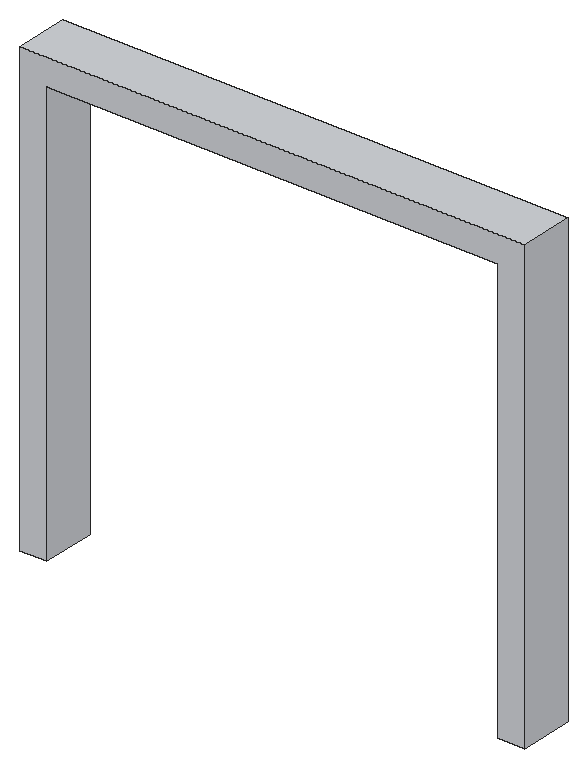
Revit family "Откос_R19", category Колонны, Revit 2019
Family settings
  На основе рабочей плоскости = Нет
  При загрузке вырезать с полостями = Нет
  Автоматическое присоединение геометрии к стенам = Да
  Общий = Да
  Показывать семейство разрезанным на планах = Да
Parameters
  Отступ_П [instance] = 0 mm
  Отступ_Л [instance] = 0 mm
  Материал [instance] = none
  Группа модели = "Внутренний слой откоса"  # constant formula
  Видимость [instance] = yes
  АВЛН_Помещения [instance] = ""
  ADSK_Этаж [instance] = ""
  ADSK_Размер_Ширина [instance] = 1880 mm
  ADSK_Размер_Толщина [instance] = 100 mm
  ADSK_Размер_Площадь [instance] = (ADSK_Размер_Ширина + 2 * ADSK_Размер_Высота) * ADSK_Размер_Глубина  # 1.04844 m²
  ADSK_Размер_Глубина [instance] = 200 mm
  ADSK_Размер_Высота [instance] = 1681.106 mm
  ADSK_Примечание = ""
  ADSK_Обозначение = ""
  ADSK_Номер секции [instance] = ""
  ADSK_Наименование = ""
  ADSK_Марка = ""
  ADSK_Группирование [instance] = ""
Reference planes
  plane 1 "По центру (Вперед/Назад)": y = 0
  plane 2: z = 0
  plane 3 "По центру (Влево/Вправо)": x = 0
  plane 4: x = -940
  plane 5: x = 940
  plane 6: y = 100
  plane 7: y = -100
  plane 8: x = -840
  plane 9: z = 1681.106
  plane 10: z = 0
  plane 11: z = 0
Forms (mm)
  Sweep 1, solid, material <- "Материал", visible <- "Видимость"
    path origin (0, 0, 0) x (1, 0, 0) y (0, 0, 1)
      loop
        line (940, 0) -> (940, 1681.106) -> (-940, 1681.106) -> (-940, 0)
    profile origin (-940, 0, 840.553) x (0, -1, 0) y (1, 0, 0)
      loop
        line (-100, 0) -> (100, 0) -> (100, 100) -> (-100, 100) -> (-100, 0)
Dimensions and locks
  equal spacing: plane 6, plane 1 "По центру (Вперед/Назад)", plane 7
  equal spacing: plane 4, plane 3 "По центру (Влево/Вправо)", plane 5
  "ADSK_Размер_Толщина": plane 4 to plane 8
  "ADSK_Размер_Глубина": plane 6 to plane 7
  "ADSK_Размер_Высота": plane 9 to level
  "ADSK_Размер_Ширина": plane 5 to plane 4
  "Отступ_Л": plane 10 to level
  "Отступ_П": plane 11 to level
  aligned and locked: level to plane 2
  aligned and locked: Sweep 1 sketch curve to plane 4
  aligned and locked: Sweep 1 sketch curve to plane 9
  aligned and locked: Sweep 1 sketch curve to plane 5
  aligned and locked: plane 6 to Sweep 1 sketch curve
  aligned and locked: profile plane to Sweep 1 sketch curve
  aligned and locked: Sweep 1 sketch curve to plane 7
  aligned and locked: plane 8 to Sweep 1 sketch curve
  aligned and locked: plane 10 to Sweep 1 sketch curve
  aligned and locked: plane 11 to Sweep 1 sketch curve
